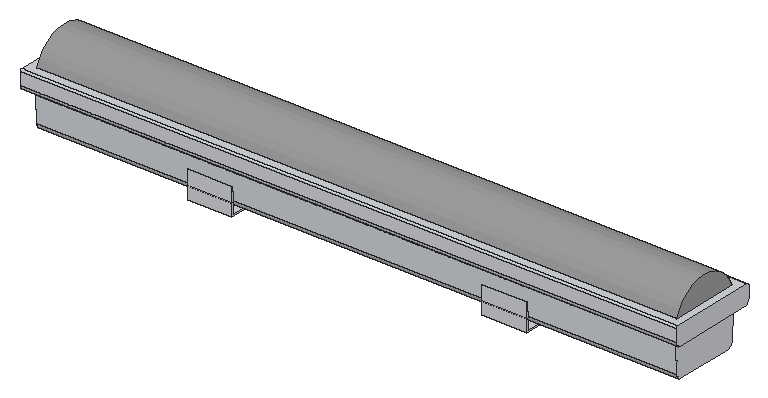
Revit family "0010202", category Lighting Fixtures, host Face, Revit 2017 (continued)
Types (60, lengths in mm): name | Weight | Wattage | TypeName | built-in parameter 1150134 | Photometric Web File | built-in parameter 1150142 | PowerFactor | PowerConsumption | NominalLength | Name | ModelReference | ModelNumber | Model | LuminousEfficacy | built-in parameter 1150105 | Lumens | LampNominalLuminous | LampMacAdamStep | LampColourTemperature | LENGHT_SYL | LENGHT_CHAMFER_SYL | LENGHT-_SYL | LENGHT-_CHAMFER_SYL | L0650_SYL | L1500_SYL | L1200_SYL | built-in parameter 1150107 | built-in parameter 1150106 | built-in parameter 1150104 | DocumentationLiterature | Description | BRACKET_WIDTH_SYL | BRACKET_DIST_SYL | Apparent Load
  0010209 RESISTO 1200 IP66 4800LM 830 | "1.54 kg" | 35 W | "Resisto  1200 IP66 4800lm 830" | (empty or 0) | "0010209.ies" | "IESNA:LM-63-2002\r\n[TEST] 0010209\r\n[TESTLAB]\r\n[MANUFAC] \r\n[LUMCAT]\r\n[LUMINAIRE] Resisto  1200 IP66 4800lm 830  /3000 \r\n[LAMP] 0010209 Resisto  1200 IP66 480/3000\r\n[BALLAST] \r\n[ISSUEDATE]\r\n[OTHER] B-Angle = 0.00 B-Tilt = 0.00 2021-02-16\r\nTILT=NONE\r\n1 4800.00 1 37 5 1 2 0.087 1.200 0.040\r\n1.0 1.0 35.00\r\n   0.00   5.00  10.00  15.00  20.00  25.00  30.00  35.00  40.00  45.00\r\n  50.00  55.00  60.00  65.00  70.00  75.00  80.00  85.00  90.00  95.00\r\n 100.00 105.00 110.00 115.00 120.00 125.00 130.00 135.00 140.00 145.00\r\n 150.00 155.00 160.00 165.00 170.00 175.00 180.00\r\n   0.00  22.50  45.00  67.50  90.00\r\n    1585.30    1578.91    1557.22    1520.74    1469.66    1401.70    1317.94\r\n    1219.39    1109.18     989.81     864.72     736.13     606.34     476.21\r\n     348.19     224.11     111.22      27.50       4.18       4.37       4.27\r\n       4.08       4.51       4.99       5.57       6.19       6.82       7.54\r\n       8.26       9.02       9.84      10.61      11.38      12.10      12.72\r\n      13.10      13.30\r\n    1585.30    1570.46    1538.98    1498.70    1452.77    1396.03    1324.27\r\n    1241.28    1151.66    1052.98     942.19     811.20     658.03     504.43\r\n     370.46     260.59     174.00     108.24      60.86      27.89      13.54\r\n       5.33       5.57       6.00       6.48       6.91       7.34       7.92\r\n       8.54       9.31      10.03      10.75      11.47      12.14      12.58\r\n      13.01      13.30\r\n    1585.30    1561.15    1534.03    1512.67    1473.50    1439.71    1393.78\r\n    1337.04    1254.29    1125.07     948.14     769.01     616.85     494.54\r\n     396.24     315.60     248.40     191.57     144.72     104.69      70.94\r\n      43.82      23.71      11.33       8.78       8.98       9.07       9.17\r\n       9.36       9.70      10.13      10.70      11.38      12.05      12.62\r\n      12.96      13.30\r\n    1585.30    1555.73    1542.58    1520.30    1508.74    1481.04    1448.88\r\n    1376.93    1246.27    1070.35     897.55     750.29     627.46     526.90\r\n     443.95     373.97     310.37     252.43     201.26     147.98      99.12\r\n      67.34      45.65      29.04      17.09      10.80      10.61      10.42\r\n      10.32      10.32      10.46      10.80      11.33      12.00      12.62\r\n      13.06      13.30\r\n    1585.30    1554.14    1545.98    1525.30    1522.85    1497.60    1461.26\r\n    1376.26    1223.62    1048.85     887.38     750.24     635.04     542.21\r\n     463.87     396.82     332.78     271.87     213.46     153.31     104.16\r\n      75.26      53.14      36.91      24.53      15.22      12.96      12.67\r\n      12.38      12.19      12.14      12.29      12.58      13.01      13.34\r\n      13.49      13.30\r\n" | 0.95 | "35 W" | 1200 | "Resisto  1200 IP66 4800lm 830" | "Resisto  1200 IP66 4800lm 830" | "0010209" | "Resisto  1200 IP66 4800lm 830" | "137 lm/W" | 1583.6 (stored number, unit not read) | 4795 lm | "4800 lm" | "5" | "3000 K" | 592 | 600 | -592 | -600 | no | no | yes | 3000 (stored number, unit not read) | 15.836 (stored number, unit not read) | 12.728 (stored number, unit not read) | "http://www.sylvania-lighting.com/product/en-int/products/0010209" | "Resisto, integrated LED weatherproof luminaire, with UV stabilized flat diffuser designed to achieve uniform lit appearance, optimise light output and to reduce glare. 301 stainless steel diffuser clips and fixing brackets for surface mounting. Polycarbonate housing and diffuser - no yellow discolouration over time. 4800lm; 35W; 137lm/W; 3000K; SDCM<5; non dimmable; CRI80; IP66; IK08; Class I; 69,000hrs (L80B20) lifespan; 1200mm x 89mm x 88mm; D-mark." | 400 | 444 | 35 VA
  0010208 RESISTO 1200 IP66 2800LM 830 | "1.5 kg" | 21 W | "Resisto  1200 IP66 2800lm 830" | (empty or 0) | "0010208.ies" | "IESNA:LM-63-2002\r\n[TEST] 0010208\r\n[TESTLAB]\r\n[MANUFAC] \r\n[LUMCAT]\r\n[LUMINAIRE] Resisto  1200 IP66 2800lm 830  /3000 \r\n[LAMP] 0010208 Resisto  1200 IP66 280/3000\r\n[BALLAST] \r\n[ISSUEDATE]\r\n[OTHER] B-Angle = 0.00 B-Tilt = 0.00 2021-02-16\r\nTILT=NONE\r\n1 2800.00 1 37 5 1 2 0.087 1.200 0.040\r\n1.0 1.0 21.00\r\n   0.00   5.00  10.00  15.00  20.00  25.00  30.00  35.00  40.00  45.00\r\n  50.00  55.00  60.00  65.00  70.00  75.00  80.00  85.00  90.00  95.00\r\n 100.00 105.00 110.00 115.00 120.00 125.00 130.00 135.00 140.00 145.00\r\n 150.00 155.00 160.00 165.00 170.00 175.00 180.00\r\n   0.00  22.50  45.00  67.50  90.00\r\n     920.25     916.16     903.39     881.58     851.51     811.86     762.22\r\n     704.59     640.53     571.26     498.57     424.09     349.02     273.95\r\n     200.48     129.08      64.18      16.44       2.49       2.46       2.55\r\n       2.35       2.52       2.80       3.14       3.47       3.84       4.26\r\n       4.68       5.12       5.60       6.05       6.50       6.92       7.25\r\n       7.48       7.62\r\n     920.25     914.98     897.79     871.81     841.74     808.05     766.30\r\n     716.74     662.82     605.22     542.33     469.95     385.36     297.58\r\n     218.79     153.41     101.86      62.69      34.80      15.71       7.48\r\n       2.97       3.14       3.39       3.67       3.92       4.20       4.54\r\n       4.93       5.35       5.77       6.19       6.61       6.97       7.25\r\n       7.48       7.62\r\n     920.25     910.73     890.32     876.46     854.70     830.14     805.45\r\n     771.12     727.55     658.70     561.04     455.90     364.20     290.72\r\n     232.06     184.27     144.65     111.30      83.92      60.73      41.41\r\n      25.65      13.89       6.47       4.98       5.10       5.15       5.21\r\n       5.32       5.52       5.77       6.10       6.50       6.89       7.22\r\n       7.45       7.62\r\n     920.25     907.14     893.34     883.18     871.08     858.73     838.96\r\n     802.51     735.45     635.46     532.84     443.74     370.30     309.90\r\n     260.18     218.51     181.36     147.64     118.24      88.48      59.44\r\n      40.32      27.13      17.16       9.97       6.16       6.05       5.96\r\n       5.91       5.94       5.99       6.19       6.50       6.92       7.28\r\n       7.53       7.62\r\n     920.25     906.22     895.47     885.05     880.82     867.13     850.36\r\n     806.85     725.45     623.59     526.46     444.02     375.09     319.23\r\n     272.75     233.07     196.00     160.72     127.26      92.93      62.80\r\n      45.22      31.75      22.06      14.62       8.99       7.48       7.28\r\n       7.11       7.00       6.97       7.06       7.22       7.48       7.67\r\n       7.73       7.62\r\n" | 0.95 | "21 W" | 1200 | "Resisto  1200 IP66 2800lm 830" | "Resisto  1200 IP66 2800lm 830" | "0010208" | "Resisto  1200 IP66 2800lm 830" | "133 lm/W" | 917.95 (stored number, unit not read) | 2793 lm | "2800 lm" | "5" | "3000 K" | 592 | 600 | -592 | -600 | no | no | yes | 3000 (stored number, unit not read) | 9.1795 (stored number, unit not read) | 12.356 (stored number, unit not read) | "http://www.sylvania-lighting.com/product/en-int/products/0010208" | "Resisto, integrated LED weatherproof luminaire, with UV stabilized flat diffuser designed to achieve uniform lit appearance, optimise light output and to reduce glare. 301 stainless steel diffuser clips and fixing brackets for surface mounting. Polycarbonate housing and diffuser - no yellow discolouration over time. 2800lm; 21W; 133lm/W; 3000K; SDCM<5; non dimmable; CRI80; IP66; IK08; Class I; 69,000hrs (L80B20) lifespan; 1200mm x 89mm x 88mm; D-mark." | 400 | 444 | 21 VA
  0010207 RESISTO 600 HE IP66 2500LM 840 | "0.96 kg" | 16 W | "Resisto  600 HE IP66 2500lm 840" | 12 | "0010207.ies" | "IESNA:LM-63-2002\r\n[TEST] 0010207\r\n[TESTLAB]\r\n[MANUFAC] \r\n[LUMCAT]\r\n[LUMINAIRE] Resisto  600 HE IP66 2500lm 84 0 /4000 \r\n[LAMP] 0010207 Resisto  600 HE IP66 2/4000\r\n[BALLAST] \r\n[ISSUEDATE]\r\n[OTHER] B-Angle = 0.00 B-Tilt = 0.00 2021-03-05\r\nTILT=NONE\r\n1 2500.00 1 37 5 1 2 0.087 0.650 0.040\r\n1.0 1.0 16.00\r\n   0.00   5.00  10.00  15.00  20.00  25.00  30.00  35.00  40.00  45.00\r\n  50.00  55.00  60.00  65.00  70.00  75.00  80.00  85.00  90.00  95.00\r\n 100.00 105.00 110.00 115.00 120.00 125.00 130.00 135.00 140.00 145.00\r\n 150.00 155.00 160.00 165.00 170.00 175.00 180.00\r\n   0.00  22.50  45.00  67.50  90.00\r\n     830.35     826.77     815.65     796.35     769.80     733.90     687.10\r\n     631.00     568.85     502.48     434.38     366.07     298.45     231.30\r\n     165.90     102.83      45.80       7.25       2.73       2.85       1.60\r\n       1.83       2.13       2.45       2.78       0.00       0.00       0.00\r\n       0.00       0.00       0.00       0.00       0.00       0.00       0.00\r\n       0.00       0.00\r\n     830.35     825.15     809.52     787.62     763.97     736.75     701.70\r\n     659.75     616.40     567.70     508.68     435.22     345.37     256.22\r\n     182.37     125.97      84.43      53.47      30.72      13.75       8.08\r\n       3.70       2.78       3.00       3.20       0.00       0.00       0.00\r\n       0.00       0.00       0.00       0.00       0.00       0.00       0.00\r\n       0.00       0.00\r\n     830.35     821.88     804.78     796.85     779.45     767.47     753.82\r\n     728.53     688.35     614.52     508.15     398.82     309.48     242.85\r\n     194.48     156.70     124.20      95.70      72.47      53.90      35.13\r\n      21.78      12.30       6.65       4.07       0.00       0.00       0.00\r\n       0.00       0.00       0.00       0.00       0.00       0.00       0.00\r\n       0.00       0.00\r\n     830.35     818.87     808.75     802.85     800.52     799.27     787.30\r\n     753.27     680.73     576.05     471.25     384.20     317.65     267.70\r\n     229.07     194.68     162.00     132.00     105.23      76.30      47.05\r\n      30.55      20.57      13.35       8.55       0.00       0.00       0.00\r\n       0.00       0.00       0.00       0.00       0.00       0.00       0.00\r\n       0.00       0.00\r\n     830.35     817.85     810.58     803.90     809.80     805.75     795.50\r\n     752.65     667.90     562.43     463.85     384.70     323.22     278.02\r\n     240.67     206.57     173.65     142.90     111.53      76.53      48.58\r\n      32.47      22.87      16.15      11.22       0.00       0.00       0.00\r\n       0.00       0.00       0.00       0.00       0.00       0.00       0.00\r\n       0.00       0.00\r\n" | 0.95 | "16 W" | 650 | "Resisto  600 HE IP66 2500lm 840" | "Resisto  600 HE IP66 2500lm 840" | "0010207" | "Resisto  600 HE IP66 2500lm 840" | "156 lm/W" | 829.02 (stored number, unit not read) | 2496 lm | "2500 lm" | "3" | "4000 K" | 317 | 325 | -317 | -325 | yes | no | no | 4000 (stored number, unit not read) | 8.2902 (stored number, unit not read) | 14.493 (stored number, unit not read) | "http://www.sylvania-lighting.com/product/en-int/products/0010207" | "Resisto, integrated LED weatherproof luminaire, with UV stabilized flat diffuser designed to achieve uniform lit appearance, optimise light output and to reduce glare. 301 stainless steel diffuser clips and fixing brackets for surface mounting. Polycarbonate housing and diffuser - no yellow discolouration over time. 2500lm; 16W; 156lm/W; 4000K; SDCM<3; non dimmable; CRI80; IP66; IK08; Class I; 69,000hrs (L80B20) lifespan; 650mm x 89mm x 88mm; D-mark." | 125 | 169 | 16 VA
  0010206 RESISTO 600 HE IP66 1400LM 840 | "0.88 kg" | 10 W | "Resisto  600 HE IP66 1400lm 840" | 12 | "0010206.ies" | "IESNA:LM-63-2002\r\n[TEST] 0010206\r\n[TESTLAB]\r\n[MANUFAC] \r\n[LUMCAT]\r\n[LUMINAIRE] Resisto  600 HE IP66 1400lm 84 0 /4000 \r\n[LAMP] 0010206 Resisto  600 HE IP66 1/4000\r\n[BALLAST] \r\n[ISSUEDATE]\r\n[OTHER] B-Angle = 0.00 B-Tilt = 0.00 2021-03-05\r\nTILT=NONE\r\n1 1400.00 1 37 5 1 2 0.087 0.650 0.040\r\n1.0 1.0 10.00\r\n   0.00   5.00  10.00  15.00  20.00  25.00  30.00  35.00  40.00  45.00\r\n  50.00  55.00  60.00  65.00  70.00  75.00  80.00  85.00  90.00  95.00\r\n 100.00 105.00 110.00 115.00 120.00 125.00 130.00 135.00 140.00 145.00\r\n 150.00 155.00 160.00 165.00 170.00 175.00 180.00\r\n   0.00  22.50  45.00  67.50  90.00\r\n     479.25     477.57     471.65     461.23     445.65     423.95     395.77\r\n     363.48     327.88     289.83     250.74     211.32     172.44     134.29\r\n      97.34      60.87      27.66       4.98       1.72       1.69       0.88\r\n       0.99       1.18       1.34       1.54       1.72       1.92       2.13\r\n       2.38       2.62       2.84       3.07       3.26       3.46       3.64\r\n       3.75       3.84\r\n     479.25     475.71     466.79     454.13     440.15     423.21     400.57\r\n     374.56     347.02     318.05     284.24     243.75     194.89     145.17\r\n     102.82      69.82      45.42      27.57      14.91       5.84       3.35\r\n       1.55       1.51       1.62       1.78       1.92       2.07       2.24\r\n       2.44       2.65       2.86       3.08       3.30       3.51       3.68\r\n       3.78       3.84\r\n     479.25     472.91     463.23     457.70     446.73     438.05     427.52\r\n     409.30     384.20     341.39     281.43     219.70     169.22     131.53\r\n     104.24      82.99      65.02      49.62      37.17      27.19      17.72\r\n      10.96       6.01       3.11       2.21       2.30       2.39       2.48\r\n       2.56       2.70       2.87       3.05       3.26       3.49       3.68\r\n       3.81       3.84\r\n     479.25     470.61     465.39     459.96     457.48     453.19     443.48\r\n     421.26     377.31     317.13     257.96     208.63     171.39     143.16\r\n     121.04     101.56      83.79      68.07      54.26      39.72      24.79\r\n      16.38      10.95       6.99       4.38       2.77       2.72       2.74\r\n       2.79       2.83       2.93       3.05       3.25       3.47       3.70\r\n       3.84       3.84\r\n     479.25     470.22     465.99     460.25     462.66     456.62     447.45\r\n     418.67     366.84     306.14     250.91     207.07     173.42     148.41\r\n     127.50     108.51      90.75      74.55      58.07      40.07      26.03\r\n      17.91      12.64       8.92       6.09       4.03       3.37       3.35\r\n       3.33       3.35       3.37       3.47       3.63       3.79       3.95\r\n       3.95       3.84\r\n" | 0.9 | "10 W" | 650 | "Resisto  600 HE IP66 1400lm 840" | "Resisto  600 HE IP66 1400lm 840" | "0010206" | "Resisto  600 HE IP66 1400lm 840" | "140 lm/W" | 479.25 (stored number, unit not read) | 1400 lm | "1400 lm" | "3" | "4000 K" | 317 | 325 | -317 | -325 | yes | no | no | 4000 (stored number, unit not read) | 4.7925 (stored number, unit not read) | 13.006 (stored number, unit not read) | "http://www.sylvania-lighting.com/product/en-int/products/0010206" | "Resisto, integrated LED weatherproof luminaire, with UV stabilized flat diffuser designed to achieve uniform lit appearance, optimise light output and to reduce glare. 301 stainless steel diffuser clips and fixing brackets for surface mounting. Polycarbonate housing and diffuser - no yellow discolouration over time. 1400lm; 10W; 140lm/W; 4000K; SDCM<3; non dimmable; CRI80; IP66; IK08; Class I; 69,000hrs (L80B20) lifespan; 650mm x 89mm x 88mm; D-mark." | 125 | 169 | 10 VA
  0010205 RESISTO 600 IP66 2500LM 865 | "0.88 kg" | 19 W | "Resisto  600 IP66 2500lm 865" | 1 | "0010205.ies" | "IESNA:LM-63-2002\r\n[TEST] 0010205\r\n[TESTLAB]\r\n[MANUFAC] \r\n[LUMCAT]\r\n[LUMINAIRE] Resisto  600 IP66 2500lm 865  /6500 \r\n[LAMP] 0010205 Resisto  600 IP66 2500/6500\r\n[BALLAST] \r\n[ISSUEDATE]\r\n[OTHER] B-Angle = 0.00 B-Tilt = 0.00 2021-02-16\r\nTILT=NONE\r\n1 2500.00 1 37 5 1 2 0.087 0.650 0.040\r\n1.0 1.0 19.00\r\n   0.00   5.00  10.00  15.00  20.00  25.00  30.00  35.00  40.00  45.00\r\n  50.00  55.00  60.00  65.00  70.00  75.00  80.00  85.00  90.00  95.00\r\n 100.00 105.00 110.00 115.00 120.00 125.00 130.00 135.00 140.00 145.00\r\n 150.00 155.00 160.00 165.00 170.00 175.00 180.00\r\n   0.00  22.50  45.00  67.50  90.00\r\n     830.35     826.77     815.65     796.35     769.80     733.90     687.10\r\n     631.00     568.85     502.48     434.38     366.07     298.45     231.30\r\n     165.90     102.83      45.80       7.25       2.73       2.85       1.60\r\n       1.83       2.13       2.45       2.78       0.00       0.00       0.00\r\n       0.00       0.00       0.00       0.00       0.00       0.00       0.00\r\n       0.00       0.00\r\n     830.35     825.15     809.52     787.62     763.97     736.75     701.70\r\n     659.75     616.40     567.70     508.68     435.22     345.37     256.22\r\n     182.37     125.97      84.43      53.47      30.72      13.75       8.08\r\n       3.70       2.78       3.00       3.20       0.00       0.00       0.00\r\n       0.00       0.00       0.00       0.00       0.00       0.00       0.00\r\n       0.00       0.00\r\n     830.35     821.88     804.78     796.85     779.45     767.47     753.82\r\n     728.53     688.35     614.52     508.15     398.82     309.48     242.85\r\n     194.48     156.70     124.20      95.70      72.47      53.90      35.13\r\n      21.78      12.30       6.65       4.07       0.00       0.00       0.00\r\n       0.00       0.00       0.00       0.00       0.00       0.00       0.00\r\n       0.00       0.00\r\n     830.35     818.87     808.75     802.85     800.52     799.27     787.30\r\n     753.27     680.73     576.05     471.25     384.20     317.65     267.70\r\n     229.07     194.68     162.00     132.00     105.23      76.30      47.05\r\n      30.55      20.57      13.35       8.55       0.00       0.00       0.00\r\n       0.00       0.00       0.00       0.00       0.00       0.00       0.00\r\n       0.00       0.00\r\n     830.35     817.85     810.58     803.90     809.80     805.75     795.50\r\n     752.65     667.90     562.43     463.85     384.70     323.22     278.02\r\n     240.67     206.57     173.65     142.90     111.53      76.53      48.58\r\n      32.47      22.87      16.15      11.22       0.00       0.00       0.00\r\n       0.00       0.00       0.00       0.00       0.00       0.00       0.00\r\n       0.00       0.00\r\n" | 1 | "19 W" | 650 | "Resisto  600 IP66 2500lm 865" | "Resisto  600 IP66 2500lm 865" | "0010205" | "Resisto  600 IP66 2500lm 865" | "132 lm/W" | 833.01 (stored number, unit not read) | 2508 lm | "2500 lm" | "5" | "6500 K" | 317 | 325 | -317 | -325 | yes | no | no | 6500 (stored number, unit not read) | 8.3301 (stored number, unit not read) | 12.263 (stored number, unit not read) | "http://www.sylvania-lighting.com/product/en-int/products/0010205" | "Resisto, integrated LED weatherproof luminaire, with UV stabilized flat diffuser designed to achieve uniform lit appearance, optimise light output and to reduce glare. 301 stainless steel diffuser clips and fixing brackets for surface mounting. Polycarbonate housing and diffuser - no yellow discolouration over time. 2500lm; 19W; 132lm/W; 6500K; SDCM<5; non dimmable; CRI80; IP66; IK08; Class I; 69,000hrs (L80B20) lifespan; 650mm x 89mm x 88mm; D-mark." | 125 | 169 | 19 VA
  0010204 RESISTO 600 IP66 1600LM 865 | "0.88 kg" | 12 W | "Resisto  600 IP66 1600lm 865" | 1 | "0010204.ies" | "IESNA:LM-63-2002\r\n[TEST] 0010204\r\n[TESTLAB]\r\n[MANUFAC] \r\n[LUMCAT]\r\n[LUMINAIRE] Resisto  600 IP66 1600lm 865  /6500 \r\n[LAMP] 0010204 Resisto  600 IP66 1600/6500\r\n[BALLAST] \r\n[ISSUEDATE]\r\n[OTHER] B-Angle = 0.00 B-Tilt = 0.00 2021-02-16\r\nTILT=NONE\r\n1 1600.00 1 37 5 1 2 0.087 0.650 0.040\r\n1.0 1.0 12.00\r\n   0.00   5.00  10.00  15.00  20.00  25.00  30.00  35.00  40.00  45.00\r\n  50.00  55.00  60.00  65.00  70.00  75.00  80.00  85.00  90.00  95.00\r\n 100.00 105.00 110.00 115.00 120.00 125.00 130.00 135.00 140.00 145.00\r\n 150.00 155.00 160.00 165.00 170.00 175.00 180.00\r\n   0.00  22.50  45.00  67.50  90.00\r\n     547.71     545.79     539.02     527.12     509.31     484.51     452.30\r\n     415.41     374.72     331.23     286.56     241.50     197.07     153.47\r\n     111.25      69.57      31.62       5.70       1.97       1.94       1.01\r\n       1.14       1.34       1.54       1.76       1.97       2.19       2.43\r\n       2.72       2.99       3.25       3.50       3.73       3.95       4.16\r\n       4.29       4.38\r\n     547.71     543.66     533.47     519.01     503.02     483.66     457.79\r\n     428.06     396.59     363.49     324.85     278.58     222.74     165.90\r\n     117.50      79.79      51.90      31.50      17.04       6.67       3.82\r\n       1.78       1.73       1.86       2.03       2.19       2.37       2.56\r\n       2.78       3.02       3.26       3.52       3.78       4.02       4.21\r\n       4.32       4.38\r\n     547.71     540.46     529.41     523.09     510.54     500.62     488.59\r\n     467.78     439.09     390.16     321.63     251.09     193.39     150.32\r\n     119.14      94.85      74.30      56.70      42.48      31.07      20.26\r\n      12.53       6.86       3.55       2.53       2.62       2.74       2.83\r\n       2.93       3.09       3.28       3.49       3.73       3.98       4.21\r\n       4.35       4.38\r\n     547.71     537.84     531.87     525.66     522.83     517.94     506.83\r\n     481.44     431.22     362.43     294.82     238.43     195.87     163.62\r\n     138.34     116.06      95.76      77.79      62.02      45.39      28.34\r\n      18.72      12.51       7.98       5.01       3.17       3.10       3.14\r\n       3.18       3.23       3.34       3.49       3.71       3.97       4.22\r\n       4.38       4.38\r\n     547.71     537.39     532.56     526.00     528.75     521.86     511.38\r\n     478.48     419.25     349.87     286.75     236.66     198.19     169.62\r\n     145.71     124.02     103.71      85.20      66.37      45.79      29.74\r\n      20.46      14.45      10.19       6.96       4.61       3.86       3.82\r\n       3.81       3.82       3.86       3.97       4.14       4.34       4.51\r\n       4.51       4.38\r\n" | 0.9 | "12 W" | 650 | "Resisto  600 IP66 1600lm 865" | "Resisto  600 IP66 1600lm 865" | "0010204" | "Resisto  600 IP66 1600lm 865" | "133 lm/W" | 546.34 (stored number, unit not read) | 1596 lm | "1600 lm" | "5" | "6500 K" | 317 | 325 | -317 | -325 | yes | no | no | 6500 (stored number, unit not read) | 5.4634 (stored number, unit not read) | 12.356 (stored number, unit not read) | "http://www.sylvania-lighting.com/product/en-int/products/0010204" | "Resisto, integrated LED weatherproof luminaire, with UV stabilized flat diffuser designed to achieve uniform lit appearance, optimise light output and to reduce glare. 301 stainless steel diffuser clips and fixing brackets for surface mounting. Polycarbonate housing and diffuser - no yellow discolouration over time. 1600lm; 12W; 133lm/W; 6500K; SDCM<5; non dimmable; CRI80; IP66; IK08; Class I; 69,000hrs (L80B20) lifespan; 650mm x 89mm x 88mm; D-mark." | 125 | 169 | 12 VA
  0010203 RESISTO 600 IP66 2500LM 840 | "10.2 kg" | 19 W | "Resisto  600 IP66 2500lm 840" | 12 | "0010203.ies" | "IESNA:LM-63-2002\r\n[TEST] 0010203\r\n[TESTLAB] Sylvania\r\n[TESTDATE] 5 Nov 2020\r\n[ISSUEDATE] 5 Nov 2020\r\n[MANUFAC] Sylvania\r\n[LUMCAT] 0010203\r\n[LUMINAIRE] Resisto  600 IP65 2500lm 840\r\n[FLASHAREA] 0.038908\r\n[LAMPCAT] 0010203 Resisto  600 IP65 2500lm 840\r\n[LAMP] 0010203 Resisto  600 IP65 2500lm 840\r\n[OTHER] Absolute Photometry\r\nTILT=NONE\r\n1 -1 1.0 37 5 1 2 0.087 0.650 0.040\r\n1.00 1.00 19.00\r\n0.00 5.00 10.00 15.00 20.00 25.00 30.00 35.00 40.00 45.00 \r\n50.00 55.00 60.00 65.00 70.00 75.00 80.00 85.00 90.00 \r\n95.00 100.00 105.00 110.00 115.00 120.00 125.00 130.00 \r\n135.00 140.00 145.00 150.00 155.00 160.00 165.00 170.00 \r\n175.00 180.00 \r\n0.00 22.50 45.00 67.50 90.00 \r\n830.34 826.78 815.65 796.34 769.81 733.90 687.10 631.01 \r\n568.85 502.48 434.38 366.08 298.45 231.31 165.90 102.82 \r\n45.79 7.26 2.72 2.85 1.61 1.83 2.13 2.45 2.76 0.00 0.00 \r\n0.00 0.00 0.00 0.00 0.00 0.00 0.00 0.00 0.00 0.00 \r\n830.34 825.16 809.53 787.61 763.97 736.74 701.71 659.75 \r\n616.41 567.71 508.67 435.23 345.38 256.22 182.38 125.97 \r\n84.42 53.46 30.73 13.75 8.09 3.69 2.78 3.00 3.20 0.00 \r\n0.00 0.00 0.00 0.00 0.00 0.00 0.00 0.00 0.00 0.00 0.00 \r\n830.34 821.88 804.79 796.84 779.45 767.48 753.82 728.53 \r\n688.35 614.52 508.16 398.82 309.48 242.85 194.48 156.71 \r\n124.20 95.70 72.48 53.89 35.12 21.77 12.31 6.66 4.07 0.00 \r\n0.00 0.00 0.00 0.00 0.00 0.00 0.00 0.00 0.00 0.00 0.00 \r\n830.34 818.87 808.75 802.84 800.52 799.27 787.30 753.27 \r\n680.73 576.04 471.24 384.19 317.66 267.71 229.06 194.68 \r\n162.00 132.00 105.23 76.29 47.05 30.54 20.58 13.35 8.56 \r\n0.00 0.00 0.00 0.00 0.00 0.00 0.00 0.00 0.00 0.00 0.00 \r\n0.00 \r\n830.34 817.86 810.57 803.89 809.79 805.74 795.50 752.66 \r\n667.91 562.42 463.84 384.71 323.21 278.03 240.67 206.57 \r\n173.65 142.91 111.52 76.52 48.57 32.47 22.88 16.16 11.24 \r\n0.00 0.00 0.00 0.00 0.00 0.00 0.00 0.00 0.00 0.00 0.00 \r\n0.00 \r\n" | 0.95 | "19.0 W" | 650 | "Resisto  600 IP66 2500lm 840" | "Resisto  600 IP66 2500lm 840" | "0010203" | "Resisto  600 IP66 2500lm 840" | "132 lm/W" | -2082492.7 (stored number, unit not read) | 2508 lm | "2500 lm" | "5" | "4000 K" | 317 | 325 | -317 | -325 | yes | no | no | 4000 (stored number, unit not read) | -20824.9 (stored number, unit not read) | 12.263 (stored number, unit not read) | "http://www.sylvania-lighting.com/product/en-int/products/0010203" | "Resisto, integrated LED weatherproof luminaire, with UV stabilized flat diffuser designed to achieve uniform lit appearance, optimise light output and to reduce glare. 301 stainless steel diffuser clips and fixing brackets for surface mounting. Polycarbonate housing and diffuser - no yellow discolouration over time. 2500lm; 19W; 132lm/W; 4000K; SDCM<5; non dimmable; CRI80; IP66; IK08; Class I; 69,000hrs (L80B20) lifespan; 650mm x 89mm x 88mm; D-mark." | 125 | 169 | 19 VA
  0010202 RESISTO 600 IP66 1600LM 840 | "10.2 kg" | 12 W | "Resisto  600 IP66 1600lm 840" | 12 | "0010202.ies" | "IESNA:LM-63-2002\r\n[TEST] 0010202\r\n[TESTLAB] Sylvania\r\n[TESTDATE] 3 Nov 2020\r\n[ISSUEDATE] 3 Nov 2020\r\n[MANUFAC] Sylvania\r\n[LUMCAT] 0010202\r\n[LUMINAIRE] Resisto  600 IP65 1600lm 840\r\n[FLASHAREA] 0.038908\r\n[LAMPCAT] 0010202 Resisto  600 IP65 1600lm 840\r\n[LAMP] 0010202 Resisto  600 IP65 1600lm 840\r\n[OTHER] Absolute Photometry\r\nTILT=NONE\r\n1 -1 1.0 37 5 1 2 0.087 0.650 0.040\r\n1.00 1.00 12.00\r\n0.00 5.00 10.00 15.00 20.00 25.00 30.00 35.00 40.00 45.00 \r\n50.00 55.00 60.00 65.00 70.00 75.00 80.00 85.00 90.00 \r\n95.00 100.00 105.00 110.00 115.00 120.00 125.00 130.00 \r\n135.00 140.00 145.00 150.00 155.00 160.00 165.00 170.00 \r\n175.00 180.00 \r\n0.00 22.50 45.00 67.50 90.00 \r\n547.70 545.80 539.03 527.11 509.32 484.51 452.30 415.41 \r\n374.71 331.24 286.56 241.51 197.06 153.48 111.24 69.57 \r\n31.61 5.69 1.97 1.94 1.01 1.13 1.34 1.53 1.76 1.96 2.19 \r\n2.44 2.72 2.99 3.26 3.50 3.73 3.96 4.16 4.29 4.39 \r\n547.70 543.66 533.46 519.01 503.02 483.67 457.80 428.07 \r\n396.60 363.48 324.85 278.57 222.74 165.91 117.51 79.79 \r\n51.91 31.51 17.03 6.67 3.83 1.78 1.74 1.85 2.03 2.19 2.37 \r\n2.57 2.78 3.02 3.27 3.53 3.78 4.01 4.20 4.31 4.39 \r\n547.70 540.47 529.40 523.08 510.55 500.63 488.59 467.78 \r\n439.08 390.16 321.63 251.08 193.39 150.32 119.13 94.85 \r\n74.31 56.70 42.47 31.08 20.26 12.53 6.86 3.56 2.52 2.63 \r\n2.74 2.82 2.93 3.09 3.28 3.48 3.73 3.99 4.20 4.34 4.39 \r\n547.70 537.84 531.87 525.66 522.83 517.93 506.83 481.44 \r\n431.22 362.43 294.82 238.44 195.87 163.61 138.33 116.07 \r\n95.76 77.79 62.01 45.39 28.33 18.73 12.52 7.99 5.00 3.17 \r\n3.10 3.14 3.18 3.23 3.34 3.49 3.72 3.97 4.23 4.39 4.39 \r\n547.70 537.40 532.56 525.99 528.75 521.85 511.38 478.47 \r\n419.25 349.88 286.76 236.66 198.19 169.62 145.71 124.02 \r\n103.72 85.21 66.37 45.79 29.74 20.47 14.45 10.19 6.96 \r\n4.60 3.85 3.82 3.81 3.82 3.86 3.97 4.14 4.33 4.51 4.52 \r\n4.39 \r\n" | 0.9 | "12.0 W" | 650 | "Resisto  600 IP66 1600lm 840" | "Resisto  600 IP66 1600lm 840" | "0010202" | "Resisto  600 IP66 1600lm 840" | "133 lm/W" | -874129.2 (stored number, unit not read) | 1596 lm | "1600 lm" | "5" | "4000 K" | 317 | 325 | -317 | -325 | yes | no | no | 4000 (stored number, unit not read) | -8741.3 (stored number, unit not read) | 12.356 (stored number, unit not read) | "http://www.sylvania-lighting.com/product/en-int/products/0010202" | "Resisto, integrated LED weatherproof luminaire, with UV stabilized flat diffuser designed to achieve uniform lit appearance, optimise light output and to reduce glare. 301 stainless steel diffuser clips and fixing brackets for surface mounting. Polycarbonate housing and diffuser - no yellow discolouration over time. 1600lm; 12W; 133lm/W; 4000K; SDCM<5; non dimmable; CRI80; IP66; IK08; Class I; 69,000hrs (L80B20) lifespan; 650mm x 89mm x 88mm; D-mark." | 125 | 169 | 12 VA
  0010279 RESISTO 1500 HE IP66 DALI 8300LM 840 | "2.01 kg" | 54 W | "Resisto 1500 HE IP66 DALI 8300lm 840" | 12 | "0010279.ies" | "IESNA:LM-63-2002\r\n[TEST] 0010279\r\n[TESTLAB]\r\n[MANUFAC] \r\n[LUMCAT]\r\n[LUMINAIRE] Resisto 1500 HE IP66 DALI 8300 lm 840 /4000 \r\n[LAMP] 0010279 Resisto 1500 HE IP66 D/4000\r\n[BALLAST] \r\n[ISSUEDATE]\r\n[OTHER] B-Angle = 0.00 B-Tilt = 0.00 2021-03-05\r\nTILT=NONE\r\n1 8300.00 1 37 5 1 2 0.087 1.500 0.040\r\n1.0 1.0 54.00\r\n   0.00   5.00  10.00  15.00  20.00  25.00  30.00  35.00  40.00  45.00\r\n  50.00  55.00  60.00  65.00  70.00  75.00  80.00  85.00  90.00  95.00\r\n 100.00 105.00 110.00 115.00 120.00 125.00 130.00 135.00 140.00 145.00\r\n 150.00 155.00 160.00 165.00 170.00 175.00 180.00\r\n   0.00  22.50  45.00  67.50  90.00\r\n    2767.64    2754.19    2717.67    2656.25    2570.26    2461.03    2323.00\r\n    2158.58    1973.49    1774.13    1564.55    1351.49    1135.77     916.32\r\n     691.56     459.82     236.63      61.25       7.06       7.39       7.72\r\n       7.88       8.30       8.96       9.79      10.79      11.87      13.03\r\n      14.36      15.77      17.18      18.59      19.84      21.00      22.00\r\n      22.66      23.07\r\n    2767.64    2746.30    2684.80    2600.39    2510.42    2413.81    2302.67\r\n    2179.25    2049.85    1914.31    1748.89    1527.45    1242.01     935.00\r\n     664.58     452.02     296.48     182.27     103.00      49.47      24.15\r\n       9.63       9.79      10.46      11.29      11.95      12.70      13.61\r\n      14.69      15.85      17.01      18.26      19.42      20.58      21.50\r\n      22.24      23.07\r\n    2767.64    2722.15    2641.72    2593.67    2538.06    2499.79    2478.55\r\n    2421.19    2300.18    2054.25    1691.13    1316.13    1014.68     789.33\r\n     619.35     490.03     384.95     294.73     223.19     166.83     114.46\r\n      69.89      39.34      20.09      15.19      15.27      15.36      15.36\r\n      15.69      16.43      17.26      18.26      19.26      20.34      21.25\r\n      22.00      23.07\r\n    2767.64    2705.39    2641.47    2612.51    2609.77    2634.34    2608.77\r\n    2494.65    2234.61    1857.54    1500.81    1220.10     995.92     823.03\r\n     695.71     588.72     481.07     386.20     309.01     226.51     140.69\r\n      94.21      62.25      40.50      25.56      17.10      16.93      16.93\r\n      16.85      16.85      17.43      18.26      19.26      20.25      21.25\r\n      22.08      23.07\r\n    2767.64    2692.94    2645.63    2621.31    2660.15    2672.93    2634.01\r\n    2467.42    2149.37    1775.54    1458.06    1204.25    1001.06     850.25\r\n     735.05     627.40     515.01     414.83     324.45     220.28     137.12\r\n      98.19      69.89      50.63      35.36      23.99      20.58      20.34\r\n      20.25      20.00      20.17      20.83      21.66      22.41      23.07\r\n      23.32      23.07\r\n" | 0.99 | "54 W" | 1500 | "Resisto 1500 HE IP66 DALI 8300lm 840" | "Resisto 1500 HE IP66 DALI 8300lm 840" | "0010279" | "Resisto 1500 HE IP66 DALI 8300lm 840" | "154 lm/W" | 2773 (stored number, unit not read) | 8316 lm | "8300 lm" | "3" | "4000 K" | 742 | 750 | -742 | -750 | no | yes | no | 4000 (stored number, unit not read) | 27.73 (stored number, unit not read) | 14.307 (stored number, unit not read) | "http://www.sylvania-lighting.com/product/en-int/products/0010279" | "Resisto, integrated LED weatherproof luminaire, with UV stabilized flat diffuser designed to achieve uniform lit appearance, optimise light output and to reduce glare. 301 stainless steel diffuser clips and fixing brackets for surface mounting. Polycarbonate housing and diffuser - no yellow discolouration over time. 8300lm; 54W; 154lm/W; 4000K; SDCM<3; DALI dimmable; CRI80; IP66; IK08; Class I; 69,000hrs (L80B20) lifespan; 1500mm x 89mm x 88mm; D-mark." | 550 | 594 | 54 VA
